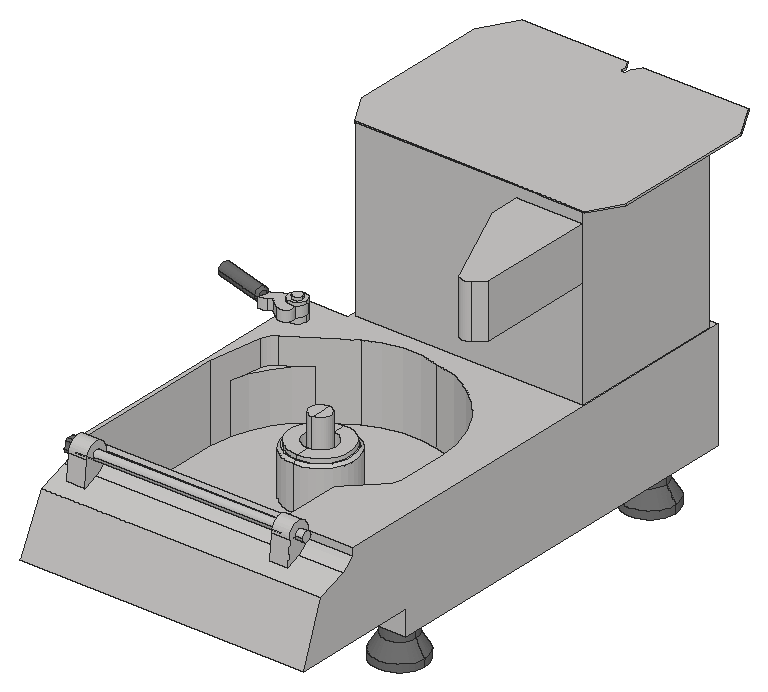
Revit family "QF_ELECTROLUXPROFESSIONAL_603275_TR260F1V", category Specialty Equipment, Revit 2018
Family settings
  Round Connector Dimension = Use Diameter
  Part Type = Normal
  Work Plane-Based = No
  Always vertical = Yes
  Cut with Voids When Loaded = No
  Shared = No
  Room Calculation Point = No
Parameters (values of type "QF_ELECTROLUX_603275_TR260F1V")
  Weight = 49.00 kg
  Watts = 0 W
  Volts = 220 V
  URL Manufacturer = "http://professional.electrolux.com"
  URL = "http://professional.electrolux.com"
  Steam Supply Size = 0 mm
  Steam Supply Minimum Pressure = 0.0 Pa
  Steam Supply Maximum Pressure = 0.0 Pa
  Steam Pounds per Hour = 0
  Refrigeration Suction Line Size = 0 mm
  Refrigeration Liquid Line Size = 0 mm
  Refrigerant Compressor Remote = yes
  Manufacturer = "Electrolux"
  Phase = 1
  Model = "TR260F1V"
  Length Actual = 750 mm  # constant formula
  Item Number = "603275"
  Hot Water Size = 0 mm
  Height Actual = 440 mm  # constant formula
  HP = "2 HP"
  Gas Size = 0 mm
  Gas KW = 0
  Gas Input Pressure = 0 W
  Direct Waste Size = 0 mm
  Description = "VEG.SLICER-FLAT P.-1 SP. 220-240/1/50"
  Depth Actual = 400 mm  # constant formula
  Cycle = 50 Hz
  Condensate Return Size = 0 mm
  Compressed Air Volume = 0.0 L/s
  Compressed Air Size = 0 mm
  Compressed Air Pressure = 0.0 Pa
  Cold Water Size = 0 mm
  Accessory = yes
Reference planes
  plane 1 "Center (Front/Back)": y = 0
  plane 2: z = 0
  plane 3 "Center (Left/Right)": x = 0
  plane 4 "BASE": z = 60
  plane 5 "TOP": z = 436
  plane 6 "FRONT": y = -375
  plane 7 "BACK": y = 375
  plane 8 "LEFT": x = -200
  plane 9 "RIGHT": x = 200
  plane 10: z = 104.066
  plane 11 "CX": x = -30.257
  plane 12: through (-207.564, 46.512, 4000) normal (-0.2756, -0.9613, 0)
  plane 13 "Man0": z = 225
Forms (mm)
  Extrusion 1, solid, material "QF_Finishes_Rubber Black"
    sketch origin (0, 0, 0) x (1, 0, 0) y (0, 1, 0)
      loop
        circle (-157.5, 265) r 34
    from 0 to 9.998
  Blend 2, solid, material "QF_Finishes_Rubber Black"
    base sketch origin (0, 0, 0) x (1, 0, 0) y (0, 1, 0)
      loop
        circle (-157.5, 265) r 34
    top sketch origin (0, 0, 0) x (1, 0, 0) y (0, 1, 0)
      loop
        circle (-157.5, 265) r 22
    from 10 to 30
  Extrusion 3, solid, material "QF_Finishes_Rubber Black"
    sketch origin (0, 0, 0) x (1, 0, 0) y (0, 1, 0)
      loop
        circle (-157.5, 265) r 22
    from 30 to 60
  Extrusion 4, solid, material "QF_Finishes_Rubber Black"
    sketch origin (0, -415, 0) x (1, 0, 0) y (0, 1, 0)
      loop
        circle (-157.5, 265) r 34
    from 0 to 9.998
  Blend 5, solid, material "QF_Finishes_Rubber Black"
    base sketch origin (0, -415, 0) x (1, 0, 0) y (0, 1, 0)
      loop
        circle (-157.5, 265) r 34
    top sketch origin (0, -415, 0) x (1, 0, 0) y (0, 1, 0)
      loop
        circle (-157.5, 265) r 22
    from 10 to 30
  Extrusion 6, solid, material "QF_Finishes_Rubber Black"
    sketch origin (0, -415, 0) x (1, 0, 0) y (0, 1, 0)
      loop
        circle (-157.5, 265) r 22
    from 30 to 60
  Extrusion 7, solid, material "QF_Finishes_Rubber Black"
    sketch origin (-27.5, 0, 0) x (-1, 0, 0) y (0, -1, 0)
      loop
        circle (-157.5, -265) r 34
    from 0 to 9.998
  Blend 8, solid, material "QF_Finishes_Rubber Black"
    base sketch origin (-27.5, 0, 0) x (-1, 0, 0) y (0, -1, 0)
      loop
        circle (-157.5, -265) r 34
    top sketch origin (-27.5, 0, 0) x (-1, 0, 0) y (0, -1, 0)
      loop
        circle (-157.5, -265) r 22
    from 10 to 30
  Extrusion 9, solid, material "QF_Finishes_Rubber Black"
    sketch origin (-27.5, 0, 0) x (-1, 0, 0) y (0, -1, 0)
      loop
        circle (-157.5, -265) r 22
    from 30 to 60
  Extrusion 10, solid, material "QF_Finishes_Rubber Black"
    sketch origin (-27.5, -415, 0) x (-1, 0, 0) y (0, -1, 0)
      loop
        circle (-157.5, -265) r 34
    from 0 to 9.998
  Blend 11, solid, material "QF_Finishes_Rubber Black"
    base sketch origin (-27.5, -415, 0) x (-1, 0, 0) y (0, -1, 0)
      loop
        circle (-157.5, -265) r 34
    top sketch origin (-27.5, -415, 0) x (-1, 0, 0) y (0, -1, 0)
      loop
        circle (-157.5, -265) r 22
    from 10 to 30
  Extrusion 12, solid, material "QF_Finishes_Rubber Black"
    sketch origin (-27.5, -415, 0) x (-1, 0, 0) y (0, -1, 0)
      loop
        circle (-157.5, -265) r 22
    from 30 to 60
  Extrusion 13, solid, material "QF_Finishes_Stainless Steel"
    sketch origin (0, 0, 0) x (0, 1, 0) y (0, 0, 1)
      loop
        line (320, 60) -> (320, 205) -> (-285, 205) -> (-285, 195)
        arc (-285, 195) -> (-291.829, 187.582) -> (-300.321, 182.144) r 39.318
        line (-300.321, 182.144) -> (-337.909, 168.463) -> (-366.578, 93.777) -> (-196.578, 93.777) -> (-196.578, 60) -> (320, 60)
    from -200 to 176.117
  Extrusion 14, void
    sketch origin (0, 375, 0) x (-1, 0, 0) y (0, 0, 1)
      loop
        line (199.965, 94.282) -> (207.223, 94.282) -> (207.223, 205) -> (192.223, 205) -> (199.965, 94.282)
    from -772.928 to -41.104
  Extrusion 15, void
    sketch origin (0, 375, 0) x (-1, 0, 0) y (0, 0, 1)
      loop
        line (199.96, 94.349) -> (192.223, 205) -> (133.474, 205) -> (199.96, 94.349)
    from -55 to -281.494
  Extrusion 16, solid, material "QF_Finishes_Stainless Steel"
    sketch origin (0, 0, 0) x (1, 0, 0) y (0, 1, 0)
      loop
        line (-127.778, 308.325) -> (-127.778, 99.647) -> (173.289, 99.647) -> (173.289, 308.325) -> (-127.778, 308.325)
    from 205 to 434
  Extrusion 17, solid, material "QF_Finishes_Stainless Steel"
    sketch origin (0, 0, 0) x (1, 0, 0) y (0, 1, 0)
      loop
        line (173.289, 99.647) -> (86.117, 99.647) -> (86.117, 59.647) -> (141.727, -65.256)
        arc (141.727, -65.256) -> (150.503, -72.174) -> (161.175, -68.86) r 12
        line (161.175, -68.86) -> (173.289, -56.747) -> (173.289, 99.647)
    from 350.263 to 420.638
  Extrusion 18, solid, material "QF_Finishes_Stainless Steel"
    sketch origin (0, 0, 0) x (1, 0, 0) y (0, 1, 0)
      loop
        line (-127.778, 375) -> (-153.883, 329.785) -> (-153.883, 142.948) -> (-128.883, 99.647) -> (176.117, 99.647) -> (200, 137.879) -> (200, 327.879) -> (172.795, 375) -> (32.795, 375) -> (26.325, 363.793) -> (26.325, 357.179)
        arc (26.325, 357.179) -> (22.99, 353.845) -> (19.655, 357.179) r 3.335
        line (19.655, 357.179) -> (19.655, 363.642) -> (13.097, 375) -> (-127.778, 375)
    from 434 to 436
  Extrusion 19, void
    sketch origin (0, 0, 0) x (1, 0, 0) y (0, 1, 0)
      loop
        line (-186.4, -69.835) -> (-186.4, -275) -> (80.32, -275) -> (80.32, -195.67) -> (121.822, -154.168)
        arc (121.822, -154.168) -> (125.63, -147.573) -> (126.952, -140.073) r 21.929
        line (126.952, -140.073) -> (126.952, -78.085)
        arc (126.952, -78.085) -> (90.934, 20.602) -> (0, 73.211) r 153.956
        arc (0, 73.211) -> (-47.258, 76.401) -> (-92.835, 63.504) r 138.701
        line (-92.835, 63.504) -> (-163.303, 15.973)
        arc (-163.303, 15.973) -> (-171.312, 9.487) -> (-175.339, 0) r 21.301
        line (-175.339, 0) -> (-186.4, -69.835)
    from 205 to 104.066
  Revolve 20, solid, material "QF_Finishes_Stainless Steel"
    sketch origin (-30.257, 0, 0) x (0, 1, 0) y (0, 0, 1)
      loop
        line (-80.822, 104.066) -> (-35.822, 104.066) -> (-35.822, 161.863) -> (-39.357, 165.398) -> (-41.484, 165.398) -> (-41.484, 170.84) -> (-59.291, 170.84) -> (-59.291, 110.84) -> (-67.029, 110.84) -> (-67.029, 205) -> (-80.822, 205) -> (-80.822, 104.066)
      axis (-80.822, 205) -> (-80.822, 104.066)
    angle from 0 to 360
  Extrusion 21, solid, material "QF_Finishes_Stainless Steel"
    sketch origin (0, 0, 0) x (0, 1, 0) y (0, 0, 1)
      loop
        line (-281.525, 104.066) -> (-261.525, 104.066) -> (-281.525, 178.707) -> (-281.525, 104.066)
    from -186.4 to 80.32
  Extrusion 22, solid, material "QF_Finishes_Stainless Steel"
    sketch origin (0, 0, 0) x (1, 0, 0) y (0, 1, 0)
      loop
        line (89.692, -186.298) -> (121.822, -154.168)
        arc (121.822, -154.168) -> (125.63, -147.573) -> (126.952, -140.073) r 21.929
        line (126.952, -140.073) -> (126.952, -78.085)
        arc (126.952, -78.085) -> (117.376, -135.309) -> (89.692, -186.298) r 175.767
      loop
        line (-175.339, 0) -> (-181.899, -41.416)
        arc (-181.899, -41.416) -> (-164.892, 2.629) -> (-132.358, 36.846) r 121.308
        line (-132.358, 36.846) -> (-163.303, 15.973)
        arc (-163.303, 15.973) -> (-171.312, 9.487) -> (-175.339, 0) r 21.301
    from 104.066 to 170.84
  Extrusion 23, solid, material "QF_Finishes_Stainless Steel"
    sketch origin (0, 0, 0) x (0, 1, 0) y (0, 0, 1)
      loop
        arc (-285, 207.505) -> (-300.365, 222.87) -> (-315.73, 207.505) r 15.365
        line (-315.73, 207.505) -> (-319.115, 175.304) -> (-300.321, 182.144)
        arc (-300.321, 182.144) -> (-291.829, 187.582) -> (-285, 195) r 39.318
        line (-285, 195) -> (-285, 207.505)
      loop
        circle (-300.365, 207.505) r 6.143
    from 93.058 to 116.352
  Extrusion 24, solid, material "QF_Finishes_Stainless Steel"
    sketch origin (0, 0, 0) x (0, 1, 0) y (0, 0, 1)
      loop
        arc (-285, 207.505) -> (-300.365, 222.87) -> (-315.73, 207.505) r 15.365
        line (-315.73, 207.505) -> (-319.115, 175.304) -> (-300.321, 182.144)
        arc (-300.321, 182.144) -> (-291.829, 187.582) -> (-285, 195) r 39.318
        line (-285, 195) -> (-285, 207.505)
      loop
        circle (-300.365, 207.505) r 6.143
    from -176.149 to -152.158
  Extrusion 25, solid, material "QF_Finishes_Stainless Steel"
    sketch origin (539, 0, 0) x (0, -1, 0) y (0, 0, 1)
      loop
        circle (300.365, 207.505) r 6.143
    from 412.048 to 715.149
  Extrusion 26, solid, material "QF_Finishes_Rubber Black"
    sketch origin (0, 0, 0) x (0, 1, 0) y (0, 0, 1)
      loop
        arc (-295.752, 217.171) -> (-300.365, 216.065) -> (-304.979, 217.171) r 10.177
        arc (-304.979, 217.171) -> (-306.661, 216.17) -> (-308.133, 214.879) r 10.711
        arc (-308.133, 214.879) -> (-308.507, 210.15) -> (-310.984, 206.104) r 10.177
        arc (-310.984, 206.104) -> (-310.552, 204.195) -> (-309.779, 202.396) r 10.711
        arc (-309.779, 202.396) -> (-305.397, 200.579) -> (-302.314, 196.973) r 10.177
        arc (-302.314, 196.973) -> (-300.365, 196.794) -> (-298.416, 196.973) r 10.711
        arc (-298.416, 196.973) -> (-295.333, 200.579) -> (-290.951, 202.396) r 10.177
        arc (-290.951, 202.396) -> (-290.179, 204.195) -> (-289.746, 206.104) r 10.711
        arc (-289.746, 206.104) -> (-292.224, 210.15) -> (-292.598, 214.879) r 10.177
        arc (-292.598, 214.879) -> (-294.069, 216.17) -> (-295.752, 217.171) r 10.711
    from -186.4 to -176.149
  Extrusion 27, solid, material "QF_Finishes_Stainless Steel"
    sketch origin (0, 0, 0) x (1, 0, 0) y (0, 1, 0)
      loop
        line (-205.907, 54.309) -> (-209.222, 38.715)
        arc (-209.222, 38.715) -> (-203.487, 38.886) -> (-198.344, 41.427) r 13.476
        line (-198.344, 41.427) -> (-194.435, 44.545) -> (-179.01, 33.169)
        arc (-179.01, 33.169) -> (-166.785, 34.001) -> (-165.61, 46.198) r 9.472
        arc (-165.61, 46.198) -> (-162.103, 64.631) -> (-180.484, 68.401) r 13.364
        line (-180.484, 68.401) -> (-205.907, 54.309)
      loop
        circle (-172.145, 58.474) r 6.472
    from 213.074 to 226.288
  Extrusion 28, solid, material "QF_Finishes_Stainless Steel"
    sketch origin (0, 0, 0) x (1, 0, 0) y (0, 1, 0)
      loop
        circle (-172.145, 58.474) r 11.842
      loop
        circle (-172.145, 58.474) r 6.472
    from 205 to 229.594
  Extrusion 29, solid, material "QF_Finishes_Stainless Steel"
    sketch origin (0, 0, 436) x (-1, 0, 0) y (0, -1, 0)
      loop
        circle (172.145, -58.474) r 6.472
    from -206.406 to -203.241
  Revolve 30, solid, material "QF_Finishes_Rubber Black"
    sketch origin (0, 0, 225) x (0, -1, 0) y (1, 0, 0)
      loop
        line (-46.512, -207.564) -> (-51.402, -206.525) -> (-55.733, -209.025) -> (-73.649, -271.507) -> (-65.516, -273.839) -> (-46.512, -207.564)
      axis (-46.512, -207.564) -> (-65.516, -273.839)
    angle from 0 to 360
  Extrusion 31, void
    sketch origin (0, 0, 0) x (0, 1, 0) y (0, 0, 1)
      loop
        line (170.221, 400.652) -> (105.221, 400.652) -> (105.221, 275.652) -> (170.221, 275.652) -> (170.221, 400.652)
    from -132.358 to -121.711
  Extrusion 32, solid, material "QF_Finishes_Gray"
    sketch origin (0, 0, 0) x (0, 1, 0) y (0, 0, 1)
      loop
        line (170.221, 400.652) -> (105.221, 400.652) -> (105.221, 275.652) -> (170.221, 275.652) -> (170.221, 400.652)
    from -127.778 to -121.711
  Extrusion 33, solid, material "QF_Finishes_White"
    sketch origin (0, 0, 0) x (0, 1, 0) y (0, 0, 1)
      loop
        line (134.191, 382.73) -> (120.191, 382.73) -> (120.191, 368.73) -> (134.191, 368.73) -> (134.191, 382.73)
      loop
        line (152.538, 382.73) -> (138.538, 382.73) -> (138.538, 368.73) -> (152.538, 368.73) -> (152.538, 382.73)
      loop
        line (134.191, 341.522) -> (120.191, 341.522) -> (120.191, 327.522) -> (134.191, 327.522) -> (134.191, 341.522)
    from -129.306 to -127.778
  Extrusion 34, solid, material "QF_Finishes_Stainless Steel"
    sketch origin (0, 375, 0) x (-1, 0, 0) y (0, 0, 1)
      loop
        circle (85, 225) r 10
    from -63.871 to -66.675
Cuts and joins
  Extrusion 14, Extrusion 15, Extrusion 19 cuts Extrusion 13
  joined: Extrusion 27, Extrusion 28
  Extrusion 31 cuts Extrusion 16
Lines and regions (mm)
  symbolic lines
    curve 1: line (172.795, 375, 0) -> (32.795, 375, 0)
    curve 2: line (32.795, 375, 0) -> (26.325, 363.793, 0)
    curve 3: line (26.325, 363.793, 0) -> (26.325, 357.179, 0)
    curve 4: arc (26.325, 357.179, 0) -> (22.99, 353.845, 0) -> (19.655, 357.179, 0) r 3.335
    curve 5: line (19.655, 357.179, 0) -> (19.655, 363.642, 0)
    curve 6: line (19.655, 363.642, 0) -> (13.097, 375, 0)
    curve 7: line (13.097, 375, 0) -> (-127.778, 375, 0)
    curve 8: line (200, 327.879, 0) -> (172.795, 375, 0)
    curve 9: line (-127.778, 375, 0) -> (-153.883, 329.785, 0)
    curve 10: line (-153.883, 329.785, 0) -> (-153.883, 142.948, 0)
    curve 11: line (-153.883, 320, 0) -> (-200, 320, 0)
    curve 12: line (-200, 320, 0) -> (-200, 60, 0)
    curve 13: line (-200, 93.506, 0) -> (-133.474, 93.506, 0)
    curve 14: line (-192.223, 93.506, 0) -> (-192.223, 63.506, 0)
    curve 15: line (-133.474, 107.599, 0) -> (-133.474, 93.506, 0)
    curve 16: line (-153.883, 142.948, 0) -> (-128.883, 99.647, 0)
    curve 17: line (-128.883, 99.647, 0) -> (176.117, 99.647, 0)
    curve 18: line (86.117, 99.647, 0) -> (86.117, 59.647, 0)
    curve 19: line (86.117, 59.647, 0) -> (141.727, -65.256, 0)
    curve 20: arc (141.727, -65.256, 0) -> (150.503, -72.174, 0) -> (161.175, -68.86, 0) r 12
    curve 21: line (161.175, -68.86, 0) -> (173.289, -56.747, 0)
    curve 22: line (173.289, -56.747, 0) -> (173.289, 99.647, 0)
    curve 23: line (176.117, 99.647, 0) -> (200, 137.879, 0)
    curve 24: line (176.117, -366.578, 0) -> (176.117, 99.647, 0)
    curve 25: line (-200, 40, 0) -> (-200, -366.578, 0)
    curve 26: line (-192.223, 38.506, 0) -> (-192.223, -285, 0)
    curve 27: line (-180.484, 68.401, 0) -> (-205.907, 54.309, 0)
    curve 28: arc (-160.303, 58.474, 0) -> (-172.145, 70.316, 0) -> (-183.987, 58.474, 0) r 11.842
    curve 29: arc (-183.987, 58.474, 0) -> (-172.145, 46.632, 0) -> (-160.303, 58.474, 0) r 11.842
    curve 30: arc (-178.617, 58.474, 0) -> (-172.145, 52.002, 0) -> (-165.673, 58.474, 0) r 6.472
    curve 31: arc (-165.673, 58.474, 0) -> (-172.145, 64.946, 0) -> (-178.617, 58.474, 0) r 6.472
    curve 32: arc (-183.987, 58.474, 0) -> (-172.145, 46.632, 0) -> (-160.303, 58.474, 0) r 11.842
    curve 33: arc (-179.01, 33.169, 0) -> (-166.785, 34.001, 0) -> (-165.61, 46.198, 0) r 9.472
    curve 34: arc (-165.61, 46.198, 0) -> (-162.103, 64.631, 0) -> (-180.484, 68.401, 0) r 13.364
    curve 35: line (-194.435, 44.545, 0) -> (-179.01, 33.169, 0)
    curve 36: arc (-209.222, 38.715, 0) -> (-203.487, 38.886, 0) -> (-198.344, 41.427, 0) r 13.476
    curve 37: line (-198.344, 41.427, 0) -> (-194.435, 44.545, 0)
    curve 38: line (-205.907, 54.309, 0) -> (-209.222, 38.715, 0)
    curve 39: line (-213.689, 39.466, 0) -> (-209.025, 55.733, 0)
    curve 40: line (-271.507, 73.649, 0) -> (-276.171, 57.382, 0)
    curve 41: line (-271.507, 73.649, 0) -> (-209.025, 55.733, 0)
    curve 42: line (-209.025, 55.733, 0) -> (-206.204, 52.912, 0)
    curve 43: line (-276.171, 57.382, 0) -> (-213.689, 39.466, 0)
    curve 44: line (-214.516, 39.703, 0) -> (-208.948, 40, 0)
    curve 45: line (-92.835, 63.504, 0) -> (-163.303, 15.973, 0)
    curve 46: arc (-163.303, 15.973, 0) -> (-171.312, 9.487, 0) -> (-175.339, 0, 0) r 21.301
    curve 47: line (-175.339, 0, 0) -> (-186.4, -69.835, 0)
    curve 48: arc (-181.899, -41.416, 0) -> (-164.892, 2.629, 0) -> (-132.358, 36.846, 0) r 121.308
    curve 49: arc (0, 73.211, 0) -> (-47.258, 76.401, 0) -> (-92.835, 63.504, 0) r 138.701
    curve 50: arc (126.952, -78.085, 0) -> (90.934, 20.602, 0) -> (0, 73.211, 0) r 153.956
    curve 51: arc (126.952, -78.085, 0) -> (117.376, -135.309, 0) -> (89.692, -186.298, 0) r 175.767
    curve 52: line (126.952, -140.073, 0) -> (126.952, -78.085, 0)
    curve 53: arc (121.822, -154.168, 0) -> (125.63, -147.573, 0) -> (126.952, -140.073, 0) r 21.929
    curve 54: line (80.32, -195.67, 0) -> (121.822, -154.168, 0)
    curve 55: arc (141.727, -65.256, 0) -> (150.503, -72.174, 0) -> (161.175, -68.86, 0) r 12
    curve 56: line (161.175, -68.86, 0) -> (173.289, -56.747, 0)
    curve 57: line (-186.4, -69.835, 0) -> (-186.4, -275, 0)
    curve 58: line (-186.4, -261.525, 0) -> (80.32, -261.525, 0)
    curve 59: line (-186.4, -275, 0) -> (80.32, -275, 0)
    curve 60: line (80.32, -275, 0) -> (80.32, -195.67, 0)
    curve 61: line (-192.922, -285, 0) -> (176.117, -285, 0)
    curve 62: spline (-192.922, -285, 0) -> (-193.016, -286.001, 0) -> (-193.108, -287.06, 0) -> (-193.196, -288.174, 0) -> (-193.281, -289.341, 0) -> (-193.363, -290.56, 0) -> (-193.44, -291.827, 0) -> (-193.514, -293.141, 0) -> (-193.584, -294.499, 0) -> (-193.65, -295.898, 0) -> (-193.711, -297.337, 0) -> (-193.768, -298.812, 0) -> (-193.821, -300.321, 0)
    curve 63: line (-193.821, -300.321, 0) -> (-194.777, -337.909, 0)
    curve 64: line (-194.777, -337.909, 0) -> (-200, -366.578, 0)
    curve 65: line (-200, -366.578, 0) -> (176.117, -366.578, 0)
    curve 66: line (-194.777, -337.909, 0) -> (176.117, -337.909, 0)
    curve 67: line (-176.149, -319.115, 0) -> (-152.158, -319.115, 0)
    curve 68: line (-152.158, -319.115, 0) -> (-152.158, -285, 0)
    curve 69: line (-176.149, -285, 0) -> (-176.149, -319.115, 0)
    curve 70: line (-176.149, -315.73, 0) -> (-152.158, -315.73, 0)
    curve 71: line (-186.4, -310.984, 0) -> (-176.149, -310.984, 0)
    curve 72: line (-186.4, -308.133, 0) -> (-176.149, -308.133, 0)
    curve 73: line (-176.149, -304.979, 0) -> (-186.4, -304.979, 0)
    curve 74: line (-186.4, -295.752, 0) -> (-176.149, -295.752, 0)
    curve 75: line (-186.4, -292.598, 0) -> (-176.149, -292.598, 0)
    curve 76: line (-186.4, -289.746, 0) -> (-176.149, -289.746, 0)
    curve 77: line (-186.4, -289.746, 0) -> (-186.4, -310.984, 0)
    curve 78: line (-152.158, -294.222, 0) -> (93.058, -294.222, 0)
    curve 79: line (93.058, -319.115, 0) -> (116.352, -319.115, 0)
    curve 80: line (93.058, -285, 0) -> (93.058, -319.115, 0)
    curve 81: line (116.352, -319.115, 0) -> (116.352, -285, 0)
    curve 82: line (126.952, -306.509, 0) -> (126.952, -294.222, 0)
    curve 83: line (-152.158, -306.509, 0) -> (93.058, -306.509, 0)
    curve 84: line (116.352, -294.222, 0) -> (126.952, -294.222, 0)
    curve 85: line (116.352, -306.509, 0) -> (126.952, -306.509, 0)
    curve 86: line (200, 137.879, 0) -> (200, 327.879, 0)
Dimensions and locks
  plane 4 "BASE" to level = 60 mm
  plane 5 "TOP" to level = 436 mm  (x2)
  plane 8 "LEFT" to plane 3 "Center (Left/Right)" to plane 9 "RIGHT" = 200 mm, 200 mm
  plane 7 "BACK" to plane 1 "Center (Front/Back)" to plane 6 "FRONT" = 375 mm, 375 mm
  plane 8 "LEFT" to plane 9 "RIGHT" = 400 mm
  plane 7 "BACK" to plane 6 "FRONT" = 750 mm
  plane 13 "Man0" to level = 225 mm
  aligned and locked: level to plane 2
Connectors
  electrical at (-85, 311.129, 225), driven by "Volts"
    settings: on Extrusion 34, index 1, voltage 220 V, apparent load 0 VA, apparent load phase1 0 VA, apparent load phase2 0 VA, apparent load phase3 0 VA, power factor 1, load classification "Other", number of poles 1, system type 30, power factor state 1, is connector primary yes, connector utility no, sub classification motor no, connector description "Electrical Connection"
